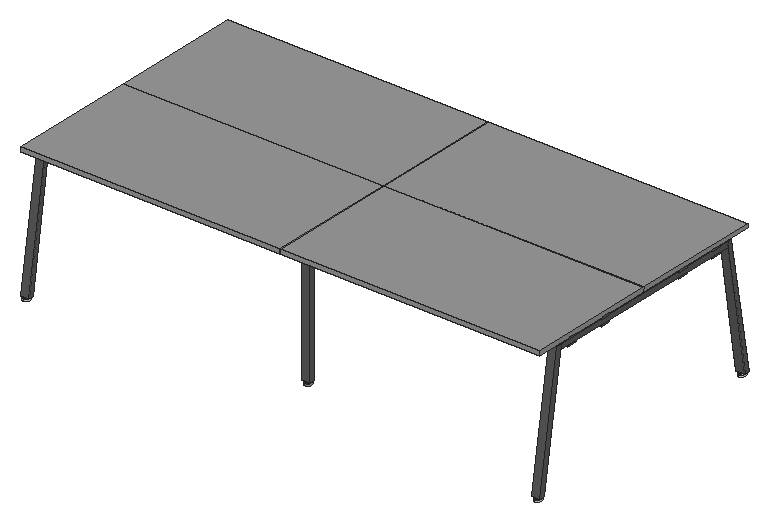
Revit family "Haworth_Tibas_Desk_BenchWorkstation_EU_PRELIMINARY", category Furniture, Revit 2019 (continued)
Definition of nested family "Haworth_Tibas_CableManagement_HorizontalCableTraySingleWire_PART"
  Definition of nested family "Haworth_Tibas_CableManagement_HorizontalCableTraySingleWire_180cm-PART"
    Automatic sketch dimensions
      Extrusion 3 sketch curve to Extrusion 3 sketch curve = 5.7925 cm  (x12)
      Extrusion 3 sketch curve to Extrusion 3 sketch curve = 0.2204 cm  (x5)
      plane 3 to Extrusion 3 sketch curve = 3.7202 cm
      Extrusion 3 sketch curve to plane 3 = 2.2927 cm
      plane 5 "Front" to Extrusion 3 sketch curve = 1.5977 cm  (x8)
      plane 8 to Extrusion 3 sketch curve = 3.5648 cm
      plane 8 to Extrusion 3 sketch curve = 0.5519 cm
      Extrusion 3 sketch curve to Extrusion 3 sketch curve = 0 cm  (x29)
      Extrusion 4 sketch curve to plane 4 = 2.5547 cm
      Extrusion 4 sketch curve to Extrusion 4 sketch curve = 0.0018 cm
      Extrusion 4 sketch curve to Extrusion 4 sketch curve = 0.7759 cm
      Extrusion 4 sketch curve to plane 5 "Front" = 1.5916 cm
      Extrusion 4 sketch curve to Extrusion 4 sketch curve = 0.0223 cm
      plane 2 "Support Top" to Extrusion 4 sketch curve = 0.005 cm
      Extrusion 4 sketch curve to Extrusion 4 sketch curve = 0.2 cm  (x5)
      Extrusion 4 sketch curve to Extrusion 4 sketch curve = 0.024 cm
      Extrusion 4 sketch curve to Extrusion 4 sketch curve = 0.2547 cm
      Extrusion 4 sketch curve to plane 5 "Front" = 1.0694 cm
      Extrusion 4 sketch curve to Extrusion 4 sketch curve = 0.0224 cm
      plane 5 "Front" to Extrusion 4 sketch curve = 3.1606 cm
      Extrusion 4 sketch curve to Extrusion 4 sketch curve = 0.02 cm  (x2)
      Extrusion 4 sketch curve to Extrusion 4 sketch curve = 2.5563 cm
      Extrusion 4 sketch curve to plane 2 "Support Top" = 0.195 cm
      Extrusion 4 sketch curve to plane 2 "Support Top" = 5.795 cm
      Extrusion 4 sketch curve to Extrusion 4 sketch curve = 0.225 cm
      Extrusion 4 sketch curve to Extrusion 4 sketch curve = 0 cm
      Extrusion 5 sketch curve to plane 4 = 2.5547 cm
      Extrusion 5 sketch curve to Extrusion 5 sketch curve = 0.0018 cm
      Extrusion 5 sketch curve to Extrusion 5 sketch curve = 0.7759 cm
      Extrusion 5 sketch curve to plane 5 "Front" = 1.5916 cm
      Extrusion 5 sketch curve to Extrusion 5 sketch curve = 0.0223 cm
      plane 2 "Support Top" to Extrusion 5 sketch curve = 0.005 cm
      Extrusion 5 sketch curve to Extrusion 5 sketch curve = 0.2 cm  (x4)
      Extrusion 5 sketch curve to Extrusion 5 sketch curve = 0.024 cm
      Extrusion 5 sketch curve to Extrusion 5 sketch curve = 0.2547 cm
      Extrusion 5 sketch curve to plane 5 "Front" = 1.0694 cm
      Extrusion 5 sketch curve to Extrusion 5 sketch curve = 0.0224 cm
      plane 5 "Front" to Extrusion 5 sketch curve = 3.1606 cm
      Extrusion 5 sketch curve to Extrusion 5 sketch curve = 0.02 cm  (x2)
      Extrusion 5 sketch curve to plane 2 "Support Top" = 0.019 cm
      Extrusion 5 sketch curve to plane 2 "Support Top" = 0.195 cm
      Extrusion 5 sketch curve to plane 2 "Support Top" = 5.795 cm
      Extrusion 5 sketch curve to Extrusion 5 sketch curve = 0.225 cm
      Extrusion 5 sketch curve to Extrusion 5 sketch curve = 0 cm
      Extrusion 5 sketch curve to Extrusion 5 sketch curve = 2.5563 cm
  Definition of nested family "Haworth_Tibas_CableManagement_HorizontalCableTraySingleWire_200cm-PART"
    Parameters (values of type "Wire Basket Single - 200cm")
      Warranty = "http://www.haworth.com/resources/product-info/warranties"
      Void Width = 20 cm  # constant formula
      URL = "www.haworth.com"
      Trim Finish = none
      Size = "Verify Final Dim. w/ Haworth"  # constant formula
      Revision Number = "1"  # constant formula
      Model = "Haworth -  Wire Basket "  # constant formula
      Manufacturer = "Haworth"  # constant formula
      Description = "Haworth -  Wire Basket 200cm "  # constant formula
      Cable Tray Finish = none
      Author = "Haworth (Abd Rahman)"  # constant formula
      Assembly Code = "E2020200"
      Actual Width = 200 cm  # constant formula
      Actual Depth = 16 cm  # constant formula
    Reference planes (cm)
      plane 1: z = 0
      plane 2 "Support Top": z = 74.1363
      plane 3: x = -79.1964
      plane 4: x = 120.8036
      plane 5: x = 20.8036
      plane 6: y = -4.3686
      plane 7 "Front": y = -20.3686
      plane 8: y = -12.3686
    Forms (cm)
      Extrusion 1, solid, material <- "Cable Tray Finish"
        sketch origin (-68.41, -24.7371, 0) x (0, 1, 0) y (0, 0, -1)
          loop
            line (5.5335, -74.1362) -> (5.5335, -68.4381)
            arc (5.5335, -68.4381) -> (5.5922, -68.2965) -> (5.7338, -68.2378) r 0.2003
            line (5.7338, -68.2378) -> (19.8574, -68.2378)
            arc (19.8574, -68.2378) -> (20.0023, -68.2979) -> (20.0623, -68.4428) r 0.205
            line (20.0623, -68.4428) -> (20.0623, -74.1362) -> (20.3686, -74.1362) -> (20.3686, -68.4261)
            arc (20.3686, -68.4261) -> (20.2547, -68.1513) -> (19.9799, -68.0374) r 0.3886
            line (19.9799, -68.0374) -> (5.7294, -68.0374)
            arc (5.7294, -68.0374) -> (5.455, -68.1511) -> (5.3413, -68.4255) r 0.3881
            line (5.3413, -68.4255) -> (5.3413, -74.1362) -> (5.5335, -74.1362)
        from -189.2136 to 10.7864
      Extrusion 2, void
        sketch origin (0, -2.9666, 0) x (1, 0, 0) y (0, 0, -1)
          loop
            line (-74.261, -73.9397) -> (-68.4684, -73.9397) -> (-68.4684, -70.6269) -> (-74.261, -70.6269) -> (-74.261, -73.9397)
          loop
            line (-68.4684, -70.4411) -> (-68.4684, -68.6179) -> (-74.261, -68.6179) -> (-74.261, -70.4411) -> (-68.4684, -70.4411)
          loop
            line (-68.261, -73.9397) -> (-62.4684, -73.9397) -> (-62.4684, -70.6269) -> (-68.261, -70.6269) -> (-68.261, -73.9397)
          loop
            line (-62.4684, -70.4411) -> (-62.4684, -68.6179) -> (-68.261, -68.6179) -> (-68.261, -70.4411) -> (-62.4684, -70.4411)
          loop
            line (-62.261, -73.9397) -> (-56.4684, -73.9397) -> (-56.4684, -70.6269) -> (-62.261, -70.6269) -> (-62.261, -73.9397)
          loop
            line (-56.4684, -70.4411) -> (-56.4684, -68.6179) -> (-62.261, -68.6179) -> (-62.261, -70.4411) -> (-56.4684, -70.4411)
          loop
            line (-56.261, -73.9397) -> (-50.4684, -73.9397) -> (-50.4684, -70.6269) -> (-56.261, -70.6269) -> (-56.261, -73.9397)
          loop
            line (-50.4684, -70.4411) -> (-50.4684, -68.6179) -> (-56.261, -68.6179) -> (-56.261, -70.4411) -> (-50.4684, -70.4411)
          loop
            line (-50.261, -73.9397) -> (-44.4684, -73.9397) -> (-44.4684, -70.6269) -> (-50.261, -70.6269) -> (-50.261, -73.9397)
          loop
            line (-44.4684, -70.4411) -> (-44.4684, -68.6179) -> (-50.261, -68.6179) -> (-50.261, -70.4411) -> (-44.4684, -70.4411)
          loop
            line (-78.5742, -73.9397) -> (-74.4664, -73.9397) -> (-74.4664, -70.6269) -> (-78.5742, -70.6269) -> (-78.5742, -73.9397)
          loop
            line (-74.4664, -70.4411) -> (-74.4664, -68.6179) -> (-78.5619, -68.6179) -> (-78.5619, -70.4411) -> (-74.4664, -70.4411)
          loop
            line (-44.261, -73.9397) -> (-38.4684, -73.9397) -> (-38.4684, -70.6269) -> (-44.261, -70.6269) -> (-44.261, -73.9397)
          loop
            line (-38.4684, -70.4411) -> (-38.4684, -68.6448) -> (-44.261, -68.6448) -> (-44.261, -70.4411) -> (-38.4684, -70.4411)
          loop
            line (-38.261, -73.9397) -> (-32.4684, -73.9397) -> (-32.4684, -70.6269) -> (-38.261, -70.6269) -> (-38.261, -73.9397)
          loop
            line (-32.4684, -70.4411) -> (-32.4684, -68.6448) -> (-38.261, -68.6448) -> (-38.261, -70.4411) -> (-32.4684, -70.4411)
          loop
            line (-32.261, -73.9397) -> (-26.4684, -73.9397) -> (-26.4684, -70.6269) -> (-32.261, -70.6269) -> (-32.261, -73.9397)
          loop
            line (-26.4684, -70.4411) -> (-26.4684, -68.6448) -> (-32.261, -68.6448) -> (-32.261, -70.4411) -> (-26.4684, -70.4411)
          loop
            line (-26.261, -73.9397) -> (-20.4684, -73.9397) -> (-20.4684, -70.6269) -> (-26.261, -70.6269) -> (-26.261, -73.9397)
          loop
            line (-20.4684, -70.4411) -> (-20.4684, -68.6582) -> (-26.261, -68.6582) -> (-26.261, -70.4411) -> (-20.4684, -70.4411)
          loop
            line (-20.261, -73.9397) -> (-14.4684, -73.9397) -> (-14.4684, -70.6269) -> (-20.261, -70.6269) -> (-20.261, -73.9397)
          loop
            line (-14.4684, -70.4411) -> (-14.4684, -68.6582) -> (-20.261, -68.6582) -> (-20.261, -70.4411) -> (-14.4684, -70.4411)
          loop
            line (-14.261, -73.9397) -> (-8.4684, -73.9397) -> (-8.4684, -70.6269) -> (-14.261, -70.6269) -> (-14.261, -73.9397)
          loop
            line (-8.4684, -70.4411) -> (-8.4684, -68.6582) -> (-14.261, -68.6582) -> (-14.261, -70.4411) -> (-8.4684, -70.4411)
          loop
            line (-8.261, -73.9397) -> (-2.4684, -73.9397) -> (-2.4684, -70.6269) -> (-8.261, -70.6269) -> (-8.261, -73.9397)
          loop
            line (-2.4684, -70.4411) -> (-2.4684, -68.6448) -> (-8.261, -68.6448) -> (-8.261, -70.4411) -> (-2.4684, -70.4411)
          loop
            line (-2.261, -73.9397) -> (3.5316, -73.9397) -> (3.5316, -70.6269) -> (-2.261, -70.6269) -> (-2.261, -73.9397)
          loop
            line (3.5316, -70.4411) -> (3.5316, -68.6582) -> (-2.261, -68.6582) -> (-2.261, -70.4411) -> (3.5316, -70.4411)
          loop
            line (3.739, -73.9397) -> (9.5316, -73.9397) -> (9.5316, -70.6269) -> (3.739, -70.6269) -> (3.739, -73.9397)
          loop
            line (9.5316, -70.4411) -> (9.5316, -68.6582) -> (3.739, -68.6582) -> (3.739, -70.4411) -> (9.5316, -70.4411)
          loop
            line (9.739, -73.9397) -> (15.5316, -73.9397) -> (15.5316, -70.6269) -> (9.739, -70.6269) -> (9.739, -73.9397)
          loop
            line (15.5316, -70.4411) -> (15.5316, -68.6582) -> (9.739, -68.6582) -> (9.739, -70.4411) -> (15.5316, -70.4411)
          loop
            line (15.739, -73.9397) -> (21.5316, -73.9397) -> (21.5316, -70.6269) -> (15.739, -70.6269) -> (15.739, -73.9397)
          loop
            line (21.5316, -70.4411) -> (21.5316, -68.6582) -> (15.739, -68.6582) -> (15.739, -70.4411) -> (21.5316, -70.4411)
          loop
            line (21.739, -73.9397) -> (27.5316, -73.9397) -> (27.5316, -70.6269) -> (21.739, -70.6269) -> (21.739, -73.9397)
          loop
            line (27.5316, -70.4411) -> (27.5316, -68.6582) -> (21.739, -68.6582) -> (21.739, -70.4411) -> (27.5316, -70.4411)
          loop
            line (27.739, -73.9397) -> (33.5316, -73.9397) -> (33.5316, -70.6269) -> (27.739, -70.6269) -> (27.739, -73.9397)
          loop
            line (33.5316, -70.4411) -> (33.5316, -68.6448) -> (27.739, -68.6448) -> (27.739, -70.4411) -> (33.5316, -70.4411)
          loop
            line (33.739, -73.9397) -> (39.5316, -73.9397) -> (39.5316, -70.6269) -> (33.739, -70.6269) -> (33.739, -73.9397)
          loop
            line (39.5316, -70.4411) -> (39.5316, -68.6582) -> (33.739, -68.6582) -> (33.739, -70.4411) -> (39.5316, -70.4411)
          loop
            line (39.739, -73.9397) -> (45.5316, -73.9397) -> (45.5316, -70.6269) -> (39.739, -70.6269) -> (39.739, -73.9397)
          loop
            line (45.5316, -70.4411) -> (45.5316, -68.6582) -> (39.739, -68.6582) -> (39.739, -70.4411) -> (45.5316, -70.4411)
          loop
            line (45.739, -73.9397) -> (51.5316, -73.9397) -> (51.5316, -70.6269) -> (45.739, -70.6269) -> (45.739, -73.9397)
          loop
            line (51.5316, -70.4411) -> (51.5316, -68.6582) -> (45.739, -68.6582) -> (45.739, -70.4411) -> (51.5316, -70.4411)
          loop
            line (51.739, -73.9397) -> (57.5316, -73.9397) -> (57.5316, -70.6269) -> (51.739, -70.6269) -> (51.739, -73.9397)
          loop
            line (57.5316, -70.4411) -> (57.5316, -68.6582) -> (51.739, -68.6582) -> (51.739, -70.4411) -> (57.5316, -70.4411)
          loop
            line (57.739, -73.9397) -> (63.5316, -73.9397) -> (63.5316, -70.6269) -> (57.739, -70.6269) -> (57.739, -73.9397)
          loop
            line (63.5316, -70.4411) -> (63.5316, -68.6582) -> (57.739, -68.6582) -> (57.739, -70.4411) -> (63.5316, -70.4411)
          loop
            line (63.739, -73.9397) -> (69.5316, -73.9397) -> (69.5316, -70.6269) -> (63.739, -70.6269) -> (63.739, -73.9397)
          loop
            line (69.5316, -70.4411) -> (69.5316, -68.6448) -> (63.739, -68.6448) -> (63.739, -70.4411) -> (69.5316, -70.4411)
          loop
            line (69.739, -73.9397) -> (75.5316, -73.9397) -> (75.5316, -70.6269) -> (69.739, -70.6269) -> (69.739, -73.9397)
          loop
            line (75.5316, -70.4411) -> (75.5316, -68.6582) -> (69.739, -68.6582) -> (69.739, -70.4411) -> (75.5316, -70.4411)
          loop
            line (75.739, -73.9397) -> (81.5316, -73.9397) -> (81.5316, -70.6269) -> (75.739, -70.6269) -> (75.739, -73.9397)
          loop
            line (81.5316, -70.4411) -> (81.5316, -68.6582) -> (75.739, -68.6582) -> (75.739, -70.4411) -> (81.5316, -70.4411)
          loop
            line (81.739, -73.9397) -> (87.5316, -73.9397) -> (87.5316, -70.6269) -> (81.739, -70.6269) -> (81.739, -73.9397)
          loop
            line (87.5316, -70.4411) -> (87.5316, -68.6582) -> (81.739, -68.6582) -> (81.739, -70.4411) -> (87.5316, -70.4411)
          loop
            line (87.739, -73.9397) -> (93.5316, -73.9397) -> (93.5316, -70.6269) -> (87.739, -70.6269) -> (87.739, -73.9397)
          loop
            line (93.5316, -70.4411) -> (93.5316, -68.6582) -> (87.739, -68.6582) -> (87.739, -70.4411) -> (93.5316, -70.4411)
          loop
            line (93.739, -73.9397) -> (98.0316, -73.9397) -> (98.0316, -70.6269) -> (93.739, -70.6269) -> (93.739, -73.9397)
          loop
            line (98.0316, -70.4411) -> (98.0316, -68.6582) -> (93.739, -68.6582) -> (93.739, -70.4411) -> (98.0316, -70.4411)
          loop
            line (98.239, -73.9397) -> (104.0316, -73.9397) -> (104.0316, -70.6269) -> (98.239, -70.6269) -> (98.239, -73.9397)
          loop
            line (104.0316, -70.4411) -> (104.0316, -68.6582) -> (98.239, -68.6582) -> (98.239, -70.4411) -> (104.0316, -70.4411)
          loop
            line (104.239, -73.9397) -> (110.0316, -73.9397) -> (110.0316, -70.6269) -> (104.239, -70.6269) -> (104.239, -73.9397)
          loop
            line (110.0316, -70.4411) -> (110.0316, -68.6582) -> (104.239, -68.6582) -> (104.239, -70.4411) -> (110.0316, -70.4411)
          loop
            line (110.239, -73.9397) -> (116.0316, -73.9397) -> (116.0316, -70.6269) -> (110.239, -70.6269) -> (110.239, -73.9397)
          loop
            line (116.0316, -70.4411) -> (116.0316, -68.6582) -> (110.239, -68.6582) -> (110.239, -70.4411) -> (116.0316, -70.4411)
          loop
            line (116.239, -73.9397) -> (120.5316, -73.9397) -> (120.5316, -70.6269) -> (116.239, -70.6269) -> (116.239, -73.9397)
          loop
            line (120.5316, -70.4411) -> (120.5316, -68.6582) -> (116.239, -68.6582) -> (116.239, -70.4411) -> (120.5316, -70.4411)
        from -21.2076 to 0.5784
      Extrusion 3, void
        sketch origin (0, -24.7371, 0) x (1, 0, 0) y (0, 1, 0)
          loop
            line (-78.6964, 5.9663) -> (-72.9664, 5.9663) -> (-72.9664, 20.0623) -> (-78.6964, 20.0623) -> (-78.6964, 5.9663)
          loop
            line (-72.761, 5.9663) -> (-66.9555, 5.9663) -> (-66.9555, 20.0623) -> (-72.761, 20.0623) -> (-72.761, 5.9663)
          loop
            line (-66.761, 5.9663) -> (-60.9684, 5.9663) -> (-60.9684, 20.0623) -> (-66.761, 20.0623) -> (-66.761, 5.9663)
          loop
            line (-60.761, 5.9663) -> (-54.9555, 5.9663) -> (-54.9555, 20.0623) -> (-60.761, 20.0623) -> (-60.761, 5.9663)
          loop
            line (-54.761, 5.9663) -> (-48.9684, 5.9663) -> (-48.9684, 20.0623) -> (-54.761, 20.0623) -> (-54.761, 5.9663)
          loop
            line (-48.761, 5.9663) -> (-42.9555, 5.9663) -> (-42.9555, 20.0623) -> (-48.761, 20.0623) -> (-48.761, 5.9663)
          loop
            line (-42.761, 5.9663) -> (-36.9684, 5.9663) -> (-36.9684, 20.0623) -> (-42.761, 20.0623) -> (-42.761, 5.9663)
          loop
            line (-36.761, 5.9663) -> (-30.9555, 5.9663) -> (-30.9555, 20.0623) -> (-36.761, 20.0623) -> (-36.761, 5.9663)
          loop
            line (-30.761, 5.9663) -> (-24.9684, 5.9663) -> (-24.9684, 20.0623) -> (-30.761, 20.0623) -> (-30.761, 5.9663)
          loop
            line (-24.761, 5.9663) -> (-18.9555, 5.9663) -> (-18.9555, 20.0623) -> (-24.761, 20.0623) -> (-24.761, 5.9663)
          loop
            line (-18.761, 5.9663) -> (-12.9684, 5.9663) -> (-12.9684, 20.0623) -> (-18.761, 20.0623) -> (-18.761, 5.9663)
          loop
            line (-12.761, 5.9663) -> (-6.9555, 5.9663) -> (-6.9555, 20.0623) -> (-12.761, 20.0623) -> (-12.761, 5.9663)
          loop
            line (-6.748, 5.9663) -> (-0.9555, 5.9663) -> (-0.9555, 20.0623) -> (-6.748, 20.0623) -> (-6.748, 5.9663)
          loop
            line (-0.748, 5.9663) -> (5.0575, 5.9663) -> (5.0575, 20.0623) -> (-0.748, 20.0623) -> (-0.748, 5.9663)
          loop
            line (5.2779, 5.9663) -> (11.0704, 5.9663) -> (11.0704, 20.0623) -> (5.2779, 20.0623) -> (5.2779, 5.9663)
          loop
            line (11.2779, 5.9663) -> (17.0834, 5.9663) -> (17.0834, 20.0623) -> (11.2779, 20.0623) -> (11.2779, 5.9663)
          loop
            line (17.2908, 5.9663) -> (23.0963, 5.9663) -> (23.0963, 20.0623) -> (17.2908, 20.0623) -> (17.2908, 5.9663)
          loop
            line (23.3038, 5.9663) -> (29.0963, 5.9663) -> (29.0963, 20.0623) -> (23.3038, 20.0623) -> (23.3038, 5.9663)
          loop
            line (29.3038, 5.9663) -> (35.1093, 5.9663) -> (35.1093, 20.0623) -> (29.3038, 20.0623) -> (29.3038, 5.9663)
          loop
            line (35.3297, 5.9663) -> (41.1222, 5.9663) -> (41.1222, 20.0623) -> (35.3297, 20.0623) -> (35.3297, 5.9663)
          loop
            line (41.3297, 5.9663) -> (47.1351, 5.9663) -> (47.1351, 20.0623) -> (41.3297, 20.0623) -> (41.3297, 5.9663)
          loop
            line (47.3426, 5.9663) -> (53.1481, 5.9663) -> (53.1481, 20.0623) -> (47.3426, 20.0623) -> (47.3426, 5.9663)
          loop
            line (53.3556, 5.9663) -> (59.1481, 5.9663) -> (59.1481, 20.0623) -> (53.3556, 20.0623) -> (53.3556, 5.9663)
          loop
            line (59.3556, 5.9663) -> (65.161, 5.9663) -> (65.161, 20.0623) -> (59.3556, 20.0623) -> (59.3556, 5.9663)
          loop
            line (65.3815, 5.9663) -> (71.174, 5.9663) -> (71.174, 20.0623) -> (65.3815, 20.0623) -> (65.3815, 5.9663)
          loop
            line (71.3815, 5.9663) -> (77.1869, 5.9663) -> (77.1869, 20.0623) -> (71.3815, 20.0623) -> (71.3815, 5.9663)
          loop
            line (77.3944, 5.9663) -> (83.1999, 5.9663) -> (83.1999, 20.0623) -> (77.3944, 20.0623) -> (77.3944, 5.9663)
          loop
            line (83.4074, 5.9663) -> (89.1999, 5.9663) -> (89.1999, 20.0623) -> (83.4074, 20.0623) -> (83.4074, 5.9663)
          loop
            line (89.4074, 5.9663) -> (95.2128, 5.9663) -> (95.2128, 20.0623) -> (89.4074, 20.0623) -> (89.4074, 5.9663)
          loop
            line (95.4333, 5.9663) -> (101.2258, 5.9663) -> (101.2258, 20.0623) -> (95.4333, 20.0623) -> (95.4333, 5.9663)
          loop
            line (101.4333, 5.9663) -> (107.2387, 5.9663) -> (107.2387, 20.0623) -> (101.4333, 20.0623) -> (101.4333, 5.9663)
          loop
            line (107.4592, 5.9663) -> (113.2517, 5.9663) -> (113.2517, 20.0623) -> (107.4592, 20.0623) -> (107.4592, 5.9663)
          loop
            line (113.4592, 5.9663) -> (120.3036, 5.9663) -> (120.3036, 20.0623) -> (113.4592, 20.0623) -> (113.4592, 5.9663)
        from 0 to 76.0995
      Extrusion 4, solid, material <- "Trim Finish"
        sketch origin (-82.3038, 0.625, 79.9413) x (0, -1, 0) y (0, 0, 1)
          loop
            line (24.1542, -2.8) -> (20.1466, -2.8)
            arc (20.1466, -2.8) -> (19.9893, -2.8651) -> (19.9242, -3.0224) r 0.2224
            line (19.9242, -3.0224) -> (19.9242, -5.6) -> (19.6482, -5.6)
            arc (19.6482, -5.6) -> (19.4898, -5.6656) -> (19.4242, -5.824) r 0.224
            line (19.4242, -5.824) -> (19.4242, -12.25) -> (7.5501, -12.25)
            arc (7.5501, -12.25) -> (7.3251, -12.025) -> (7.5501, -11.8) r 0.225
            line (7.5501, -11.8) -> (8.3242, -11.8) -> (8.3242, -11.6) -> (7.5483, -11.6)
            arc (7.5483, -11.6) -> (7.1233, -12.025) -> (7.5483, -12.45) r 0.425
            line (7.5483, -12.45) -> (19.4019, -12.45)
            arc (19.4019, -12.45) -> (19.5591, -12.3849) -> (19.6242, -12.2277) r 0.2223
            line (19.6242, -12.2277) -> (19.6242, -5.8) -> (19.9029, -5.8)
            arc (19.9029, -5.8) -> (20.0594, -5.7352) -> (20.1242, -5.5787) r 0.2213
            line (20.1242, -5.5787) -> (20.1242, -3) -> (24.1742, -3) -> (24.1742, -6) -> (24.3742, -6) -> (24.3742, -3.02)
            arc (24.3742, -3.02) -> (24.3098, -2.8644) -> (24.1542, -2.8) r 0.22
        from -36.501 to -33.501
      Extrusion 5, solid, material <- "Trim Finish"
        sketch origin (119.911, 0.625, 79.9413) x (0, -1, 0) y (0, 0, -1)
          loop
            arc (24.1542, 2.8) -> (24.3098, 2.8644) -> (24.3742, 3.02) r 0.22
            line (24.3742, 3.02) -> (24.3742, 6) -> (24.1742, 6) -> (24.1742, 3) -> (20.1242, 3) -> (20.1242, 5.5787)
            arc (20.1242, 5.5787) -> (20.0594, 5.7352) -> (19.9029, 5.8) r 0.2213
            line (19.9029, 5.8) -> (19.6242, 5.8) -> (19.6242, 12.2277)
            arc (19.6242, 12.2277) -> (19.5591, 12.3849) -> (19.4019, 12.45) r 0.2223
            line (19.4019, 12.45) -> (7.5483, 12.45)
            arc (7.5483, 12.45) -> (7.1233, 12.025) -> (7.5483, 11.6) r 0.425
            line (7.5483, 11.6) -> (8.3242, 11.6) -> (8.3242, 11.8) -> (7.5501, 11.8)
            arc (7.5501, 11.8) -> (7.3251, 12.025) -> (7.5501, 12.25) r 0.225
            line (7.5501, 12.25) -> (19.4242, 12.25) -> (19.4242, 5.824)
            arc (19.4242, 5.824) -> (19.4898, 5.6656) -> (19.6482, 5.6) r 0.224
            line (19.6482, 5.6) -> (19.9242, 5.6) -> (19.9242, 3.0224)
            arc (19.9242, 3.0224) -> (19.9893, 2.8651) -> (20.1466, 2.8) r 0.2224
            line (20.1466, 2.8) -> (24.1542, 2.8)
        from -36.501 to -33.501
    Cuts and joins
      Extrusion 2, Extrusion 3 cuts Extrusion 1
    Lines and regions (cm)
      Masking region 1
        outline origin (0, 0, 0) x (1, 0, 0) y (0, 1, 0)
          loop
            line (-79.1964, -4.3686) -> (-79.1964, -20.3686) -> (120.8036, -20.3686) -> (120.8036, -4.3686) -> (-79.1964, -4.3686)
    Dimensions and locks (cm)
      locked: plane 2 "Support Top" to level at 74.1363
      equal spacing: plane 3, plane 5, plane 4
      "Actual Width": plane 3 to plane 4
      equal spacing: plane 6, plane 8, plane 7 "Front"
      "Actual Depth": plane 7 "Front" to plane 6
      aligned and locked: cut or joined group of Extrusion 1, Extrusion 2, Extrusion 3 to plane 6
      aligned and locked: plane 4 to Extrusion 1
      aligned and locked: plane 3 to Extrusion 1
      aligned and locked: Masking region 1 sketch curve to plane 4
      aligned and locked: Masking region 1 sketch curve to plane 3
      aligned and locked: Masking region 1 sketch curve to plane 6
      aligned and locked: Masking region 1 sketch curve to plane 7 "Front"
    Automatic sketch dimensions
      Extrusion 1 sketch curve to plane 2 "Support Top" = 0 cm  (x2)
      Extrusion 1 sketch curve to plane 6 = 0 cm
      Extrusion 1 sketch curve to Extrusion 1 sketch curve = 0.3062 cm
      Extrusion 1 sketch curve to plane 6 = 0.3886 cm
      Extrusion 1 sketch curve to Extrusion 1 sketch curve = 0.1226 cm
      Extrusion 1 sketch curve to plane 7 "Front" = 1.3652 cm
      Extrusion 1 sketch curve to Extrusion 1 sketch curve = 0.0044 cm
      Extrusion 1 sketch curve to Extrusion 1 sketch curve = 0.1959 cm
      Extrusion 1 sketch curve to Extrusion 1 sketch curve = 0.1923 cm
      Extrusion 1 sketch curve to plane 2 "Support Top" = 5.6934 cm
      Extrusion 1 sketch curve to Extrusion 1 sketch curve = 0.0167 cm
      Extrusion 2 sketch curve to plane 3 = 0.6223 cm
      Extrusion 2 sketch curve to Extrusion 2 sketch curve = 0.0122 cm
      Extrusion 2 sketch curve to Extrusion 2 sketch curve = 4.0955 cm
      Extrusion 2 sketch curve to plane 2 "Support Top" = 0.1965 cm  (x34)
      Extrusion 2 sketch curve to Extrusion 2 sketch curve = 0 cm  (x85)
      Extrusion 2 sketch curve to Extrusion 2 sketch curve = 0.2055 cm
      Extrusion 2 sketch curve to Extrusion 2 sketch curve = 5.7925 cm  (x28)
      Extrusion 2 sketch curve to Extrusion 2 sketch curve = 0.2075 cm  (x47)
      Extrusion 2 sketch curve to plane 5 = 5.272 cm
      plane 5 to Extrusion 2 sketch curve = 0.728 cm  (x2)
      Extrusion 2 sketch curve to Extrusion 2 sketch curve = 4.2925 cm
      Extrusion 2 sketch curve to plane 4 = 4.772 cm
      Extrusion 2 sketch curve to plane 4 = 0.272 cm  (x2)
      Extrusion 2 sketch curve to Extrusion 2 sketch curve = 3.3128 cm  (x7)
      Extrusion 2 sketch curve to Extrusion 2 sketch curve = 0.1859 cm  (x34)
      Extrusion 2 sketch curve to Extrusion 2 sketch curve = 1.7829 cm  (x19)
      Extrusion 2 sketch curve to Extrusion 2 sketch curve = 1.7963 cm
      Extrusion 2 sketch curve to Extrusion 2 sketch curve = 0.0134 cm  (x3)
      Extrusion 2 sketch curve to Extrusion 2 sketch curve = 1.8232 cm  (x2)
      Extrusion 2 sketch curve to Extrusion 2 sketch curve = 0.0269 cm
      plane 3 to Extrusion 3 sketch curve = 0.5 cm
      plane 6 to Extrusion 3 sketch curve = 0.3062 cm  (x3)
      Extrusion 3 sketch curve to Extrusion 3 sketch curve = 5.73 cm
      Extrusion 3 sketch curve to Extrusion 3 sketch curve = 0.2055 cm
      plane 7 "Front" to Extrusion 3 sketch curve = 1.5977 cm  (x31)
      Extrusion 3 sketch curve to Extrusion 3 sketch curve = 5.8055 cm  (x15)
      Extrusion 3 sketch curve to Extrusion 3 sketch curve = 0.1945 cm  (x5)
      Extrusion 3 sketch curve to Extrusion 3 sketch curve = 5.7925 cm  (x14)
      Extrusion 3 sketch curve to Extrusion 3 sketch curve = 0.2075 cm  (x21)
      Extrusion 3 sketch curve to Extrusion 3 sketch curve = 0.2204 cm  (x5)
      plane 5 to Extrusion 3 sketch curve = 3.7202 cm
      Extrusion 3 sketch curve to plane 5 = 2.2927 cm
      plane 4 to Extrusion 3 sketch curve = 0.5 cm
      Extrusion 3 sketch curve to Extrusion 3 sketch curve = 0 cm  (x32)
      Extrusion 4 sketch curve to plane 6 = 2.5547 cm
      Extrusion 4 sketch curve to Extrusion 4 sketch curve = 0.0018 cm
      Extrusion 4 sketch curve to Extrusion 4 sketch curve = 0.7759 cm
      Extrusion 4 sketch curve to plane 7 "Front" = 1.5916 cm
      Extrusion 4 sketch curve to Extrusion 4 sketch curve = 0.0223 cm
      plane 2 "Support Top" to Extrusion 4 sketch curve = 0.005 cm
      Extrusion 4 sketch curve to Extrusion 4 sketch curve = 0.2 cm  (x4)
      Extrusion 4 sketch curve to Extrusion 4 sketch curve = 0.024 cm
      Extrusion 4 sketch curve to Extrusion 4 sketch curve = 0.2547 cm
      Extrusion 4 sketch curve to plane 7 "Front" = 1.0694 cm
      Extrusion 4 sketch curve to Extrusion 4 sketch curve = 0.0224 cm
      plane 7 "Front" to Extrusion 4 sketch curve = 3.1606 cm
      Extrusion 4 sketch curve to Extrusion 4 sketch curve = 0.02 cm  (x2)
      Extrusion 4 sketch curve to plane 2 "Support Top" = 0.019 cm
      Extrusion 4 sketch curve to plane 2 "Support Top" = 0.195 cm
      Extrusion 4 sketch curve to plane 2 "Support Top" = 5.795 cm
      Extrusion 4 sketch curve to Extrusion 4 sketch curve = 0.225 cm
      Extrusion 4 sketch curve to Extrusion 4 sketch curve = 0 cm
      Extrusion 4 sketch curve to Extrusion 4 sketch curve = 2.5563 cm
      Extrusion 5 sketch curve to plane 6 = 2.5547 cm
      Extrusion 5 sketch curve to Extrusion 5 sketch curve = 0.0018 cm
      Extrusion 5 sketch curve to Extrusion 5 sketch curve = 0.7759 cm
      Extrusion 5 sketch curve to plane 7 "Front" = 1.5916 cm
      Extrusion 5 sketch curve to Extrusion 5 sketch curve = 0.0223 cm
      plane 2 "Support Top" to Extrusion 5 sketch curve = 0.005 cm
      Extrusion 5 sketch curve to Extrusion 5 sketch curve = 0.2 cm  (x5)
      Extrusion 5 sketch curve to Extrusion 5 sketch curve = 0.024 cm
      Extrusion 5 sketch curve to Extrusion 5 sketch curve = 0.2547 cm
      Extrusion 5 sketch curve to plane 7 "Front" = 1.0694 cm
      Extrusion 5 sketch curve to Extrusion 5 sketch curve = 0.0224 cm
      plane 7 "Front" to Extrusion 5 sketch curve = 3.1606 cm
      Extrusion 5 sketch curve to Extrusion 5 sketch curve = 0.02 cm  (x2)
      Extrusion 5 sketch curve to Extrusion 5 sketch curve = 2.5563 cm
      Extrusion 5 sketch curve to plane 2 "Support Top" = 0.195 cm
      Extrusion 5 sketch curve to plane 2 "Support Top" = 5.795 cm
      Extrusion 5 sketch curve to Extrusion 5 sketch curve = 0.225 cm
      Extrusion 5 sketch curve to Extrusion 5 sketch curve = 0 cm
  Definition of nested family "Haworth_Tibas_CableManagement_HorizontalCableTraySingleWire_160cm-PART"
    Parameters (values of type "Wire Basket Single - 160cm")
      Warranty = "http://www.haworth.com/resources/product-info/warranties"
      Void Width = 20 cm  # constant formula
      URL = "www.haworth.com"
      Trim Finish = none
      Size = "Verify Final Dim. w/ Haworth"  # constant formula
      Revision Number = "1"  # constant formula
      Model = "Haworth -  Wire Basket "  # constant formula
      Manufacturer = "Haworth"  # constant formula
      Description = "Haworth -  Wire Basket 160cm "  # constant formula
      Cable Tray Finish = none
      Author = "Haworth (Abd Rahman)"  # constant formula
      Assembly Code = "E2020200"
      Actual Width = 160 cm  # constant formula
      Actual Depth = 16 cm  # constant formula
    Reference planes (cm)
      plane 1: z = 0
      plane 2 "Support Top": z = 74.1363
      plane 3: x = 20.8036
      plane 4: y = -4.3686
      plane 5 "Front": y = -20.3686
      plane 6: y = -12.3686
      plane 7: x = -59.1964
      plane 8: x = 100.8036
    Forms (cm)
      Extrusion 1, solid, material <- "Cable Tray Finish"
        sketch origin (-68.41, -24.7371, 0) x (0, 1, 0) y (0, 0, -1)
          loop
            line (5.5335, -74.1362) -> (5.5335, -68.4381)
            arc (5.5335, -68.4381) -> (5.5922, -68.2965) -> (5.7338, -68.2378) r 0.2003
            line (5.7338, -68.2378) -> (19.8574, -68.2378)
            arc (19.8574, -68.2378) -> (20.0023, -68.2979) -> (20.0623, -68.4428) r 0.205
            line (20.0623, -68.4428) -> (20.0623, -74.1362) -> (20.3686, -74.1362) -> (20.3686, -68.4261)
            arc (20.3686, -68.4261) -> (20.2547, -68.1513) -> (19.9799, -68.0374) r 0.3886
            line (19.9799, -68.0374) -> (5.7294, -68.0374)
            arc (5.7294, -68.0374) -> (5.455, -68.1511) -> (5.3413, -68.4255) r 0.3881
            line (5.3413, -68.4255) -> (5.3413, -74.1362) -> (5.5335, -74.1362)
        from -169.2136 to -9.2136
      Extrusion 2, void
        sketch origin (0, -2.9666, 0) x (1, 0, 0) y (0, 0, -1)
          loop
            line (-58.636, -73.9397) -> (-50.4684, -73.9397) -> (-50.4684, -70.6269) -> (-58.636, -70.6269) -> (-58.636, -73.9397)
          loop
            line (-50.4684, -70.4411) -> (-50.4684, -68.6179) -> (-58.636, -68.6179) -> (-58.636, -70.4411) -> (-50.4684, -70.4411)
          loop
            line (-50.261, -73.9397) -> (-44.4684, -73.9397) -> (-44.4684, -70.6269) -> (-50.261, -70.6269) -> (-50.261, -73.9397)
          loop
            line (-44.4684, -70.4411) -> (-44.4684, -68.6179) -> (-50.261, -68.6179) -> (-50.261, -70.4411) -> (-44.4684, -70.4411)
          loop
            line (-44.261, -73.9397) -> (-38.4684, -73.9397) -> (-38.4684, -70.6269) -> (-44.261, -70.6269) -> (-44.261, -73.9397)
          loop
            line (-38.4684, -70.4411) -> (-38.4684, -68.6448) -> (-44.261, -68.6448) -> (-44.261, -70.4411) -> (-38.4684, -70.4411)
          loop
            line (-38.261, -73.9397) -> (-32.4684, -73.9397) -> (-32.4684, -70.6269) -> (-38.261, -70.6269) -> (-38.261, -73.9397)
          loop
            line (-32.4684, -70.4411) -> (-32.4684, -68.6448) -> (-38.261, -68.6448) -> (-38.261, -70.4411) -> (-32.4684, -70.4411)
          loop
            line (-32.261, -73.9397) -> (-26.4684, -73.9397) -> (-26.4684, -70.6269) -> (-32.261, -70.6269) -> (-32.261, -73.9397)
          loop
            line (-26.4684, -70.4411) -> (-26.4684, -68.6448) -> (-32.261, -68.6448) -> (-32.261, -70.4411) -> (-26.4684, -70.4411)
          loop
            line (-26.261, -73.9397) -> (-20.4684, -73.9397) -> (-20.4684, -70.6269) -> (-26.261, -70.6269) -> (-26.261, -73.9397)
          loop
            line (-20.4684, -70.4411) -> (-20.4684, -68.6582) -> (-26.261, -68.6582) -> (-26.261, -70.4411) -> (-20.4684, -70.4411)
          loop
            line (-20.261, -73.9397) -> (-14.4684, -73.9397) -> (-14.4684, -70.6269) -> (-20.261, -70.6269) -> (-20.261, -73.9397)
          loop
            line (-14.4684, -70.4411) -> (-14.4684, -68.6582) -> (-20.261, -68.6582) -> (-20.261, -70.4411) -> (-14.4684, -70.4411)
          loop
            line (-14.261, -73.9397) -> (-8.4684, -73.9397) -> (-8.4684, -70.6269) -> (-14.261, -70.6269) -> (-14.261, -73.9397)
          loop
            line (-8.4684, -70.4411) -> (-8.4684, -68.6582) -> (-14.261, -68.6582) -> (-14.261, -70.4411) -> (-8.4684, -70.4411)
          loop
            line (-8.261, -73.9397) -> (-2.4684, -73.9397) -> (-2.4684, -70.6269) -> (-8.261, -70.6269) -> (-8.261, -73.9397)
          loop
            line (-2.4684, -70.4411) -> (-2.4684, -68.6448) -> (-8.261, -68.6448) -> (-8.261, -70.4411) -> (-2.4684, -70.4411)
          loop
            line (-2.261, -73.9397) -> (3.5316, -73.9397) -> (3.5316, -70.6269) -> (-2.261, -70.6269) -> (-2.261, -73.9397)
          loop
            line (3.5316, -70.4411) -> (3.5316, -68.6582) -> (-2.261, -68.6582) -> (-2.261, -70.4411) -> (3.5316, -70.4411)
          loop
            line (3.739, -73.9397) -> (9.5316, -73.9397) -> (9.5316, -70.6269) -> (3.739, -70.6269) -> (3.739, -73.9397)
          loop
            line (9.5316, -70.4411) -> (9.5316, -68.6582) -> (3.739, -68.6582) -> (3.739, -70.4411) -> (9.5316, -70.4411)
          loop
            line (9.739, -73.9397) -> (15.5316, -73.9397) -> (15.5316, -70.6269) -> (9.739, -70.6269) -> (9.739, -73.9397)
          loop
            line (15.5316, -70.4411) -> (15.5316, -68.6582) -> (9.739, -68.6582) -> (9.739, -70.4411) -> (15.5316, -70.4411)
          loop
            line (15.739, -73.9397) -> (21.5316, -73.9397) -> (21.5316, -70.6269) -> (15.739, -70.6269) -> (15.739, -73.9397)
          loop
            line (21.5316, -70.4411) -> (21.5316, -68.6582) -> (15.739, -68.6582) -> (15.739, -70.4411) -> (21.5316, -70.4411)
          loop
            line (21.739, -73.9397) -> (27.5316, -73.9397) -> (27.5316, -70.6269) -> (21.739, -70.6269) -> (21.739, -73.9397)
          loop
            line (27.5316, -70.4411) -> (27.5316, -68.6582) -> (21.739, -68.6582) -> (21.739, -70.4411) -> (27.5316, -70.4411)
          loop
            line (27.739, -73.9397) -> (33.5316, -73.9397) -> (33.5316, -70.6269) -> (27.739, -70.6269) -> (27.739, -73.9397)
          loop
            line (33.5316, -70.4411) -> (33.5316, -68.6448) -> (27.739, -68.6448) -> (27.739, -70.4411) -> (33.5316, -70.4411)
          loop
            line (33.739, -73.9397) -> (39.5316, -73.9397) -> (39.5316, -70.6269) -> (33.739, -70.6269) -> (33.739, -73.9397)
          loop
            line (39.5316, -70.4411) -> (39.5316, -68.6582) -> (33.739, -68.6582) -> (33.739, -70.4411) -> (39.5316, -70.4411)
          loop
            line (39.739, -73.9397) -> (45.5316, -73.9397) -> (45.5316, -70.6269) -> (39.739, -70.6269) -> (39.739, -73.9397)
          loop
            line (45.5316, -70.4411) -> (45.5316, -68.6582) -> (39.739, -68.6582) -> (39.739, -70.4411) -> (45.5316, -70.4411)
          loop
            line (45.739, -73.9397) -> (51.5316, -73.9397) -> (51.5316, -70.6269) -> (45.739, -70.6269) -> (45.739, -73.9397)
          loop
            line (51.5316, -70.4411) -> (51.5316, -68.6582) -> (45.739, -68.6582) -> (45.739, -70.4411) -> (51.5316, -70.4411)
          loop
            line (51.739, -73.9397) -> (57.5316, -73.9397) -> (57.5316, -70.6269) -> (51.739, -70.6269) -> (51.739, -73.9397)
          loop
            line (57.5316, -70.4411) -> (57.5316, -68.6582) -> (51.739, -68.6582) -> (51.739, -70.4411) -> (57.5316, -70.4411)
          loop
            line (57.739, -73.9397) -> (63.5316, -73.9397) -> (63.5316, -70.6269) -> (57.739, -70.6269) -> (57.739, -73.9397)
          loop
            line (63.5316, -70.4411) -> (63.5316, -68.6582) -> (57.739, -68.6582) -> (57.739, -70.4411) -> (63.5316, -70.4411)
          loop
            line (63.739, -73.9397) -> (69.5316, -73.9397) -> (69.5316, -70.6269) -> (63.739, -70.6269) -> (63.739, -73.9397)
          loop
            line (69.5316, -70.4411) -> (69.5316, -68.6448) -> (63.739, -68.6448) -> (63.739, -70.4411) -> (69.5316, -70.4411)
          loop
            line (69.739, -73.9397) -> (75.5316, -73.9397) -> (75.5316, -70.6269) -> (69.739, -70.6269) -> (69.739, -73.9397)
          loop
            line (75.5316, -70.4411) -> (75.5316, -68.6582) -> (69.739, -68.6582) -> (69.739, -70.4411) -> (75.5316, -70.4411)
          loop
            line (75.739, -73.9397) -> (81.5316, -73.9397) -> (81.5316, -70.6269) -> (75.739, -70.6269) -> (75.739, -73.9397)
          loop
            line (81.5316, -70.4411) -> (81.5316, -68.6582) -> (75.739, -68.6582) -> (75.739, -70.4411) -> (81.5316, -70.4411)
          loop
            line (81.739, -73.9397) -> (87.5316, -73.9397) -> (87.5316, -70.6269) -> (81.739, -70.6269) -> (81.739, -73.9397)
          loop
            line (87.5316, -70.4411) -> (87.5316, -68.6582) -> (81.739, -68.6582) -> (81.739, -70.4411) -> (87.5316, -70.4411)
          loop
            line (87.739, -73.9397) -> (93.5316, -73.9397) -> (93.5316, -70.6269) -> (87.739, -70.6269) -> (87.739, -73.9397)
          loop
            line (93.5316, -70.4411) -> (93.5316, -68.6582) -> (87.739, -68.6582) -> (87.739, -70.4411) -> (93.5316, -70.4411)
          loop
            line (93.739, -73.9397) -> (100.4066, -73.9397) -> (100.4066, -70.6269) -> (93.739, -70.6269) -> (93.739, -73.9397)
          loop
            line (100.4066, -70.4411) -> (100.4066, -68.6582) -> (93.739, -68.6582) -> (93.739, -70.4411) -> (100.4066, -70.4411)
        from -21.2076 to 0.5784
      Extrusion 3, void
        sketch origin (0, -24.7371, 0) x (1, 0, 0) y (0, 1, 0)
          loop
            line (-58.511, 5.9663) -> (-54.9555, 5.9663) -> (-54.9555, 20.0623) -> (-58.511, 20.0623) -> (-58.511, 5.9663)
          loop
            line (-54.761, 5.9663) -> (-48.9684, 5.9663) -> (-48.9684, 20.0623) -> (-54.761, 20.0623) -> (-54.761, 5.9663)
          loop
            line (-48.761, 5.9663) -> (-42.9555, 5.9663) -> (-42.9555, 20.0623) -> (-48.761, 20.0623) -> (-48.761, 5.9663)
          loop
            line (-42.761, 5.9663) -> (-36.9684, 5.9663) -> (-36.9684, 20.0623) -> (-42.761, 20.0623) -> (-42.761, 5.9663)
          loop
            line (-36.761, 5.9663) -> (-30.9555, 5.9663) -> (-30.9555, 20.0623) -> (-36.761, 20.0623) -> (-36.761, 5.9663)
          loop
            line (-30.761, 5.9663) -> (-24.9684, 5.9663) -> (-24.9684, 20.0623) -> (-30.761, 20.0623) -> (-30.761, 5.9663)
          loop
            line (-24.761, 5.9663) -> (-18.9555, 5.9663) -> (-18.9555, 20.0623) -> (-24.761, 20.0623) -> (-24.761, 5.9663)
          loop
            line (-18.761, 5.9663) -> (-12.9684, 5.9663) -> (-12.9684, 20.0623) -> (-18.761, 20.0623) -> (-18.761, 5.9663)
          loop
            line (-12.761, 5.9663) -> (-6.9555, 5.9663) -> (-6.9555, 20.0623) -> (-12.761, 20.0623) -> (-12.761, 5.9663)
          loop
            line (-6.748, 5.9663) -> (-0.9555, 5.9663) -> (-0.9555, 20.0623) -> (-6.748, 20.0623) -> (-6.748, 5.9663)
          loop
            line (-0.748, 5.9663) -> (5.0575, 5.9663) -> (5.0575, 20.0623) -> (-0.748, 20.0623) -> (-0.748, 5.9663)
          loop
            line (5.2779, 5.9663) -> (11.0704, 5.9663) -> (11.0704, 20.0623) -> (5.2779, 20.0623) -> (5.2779, 5.9663)
          loop
            line (11.2779, 5.9663) -> (17.0834, 5.9663) -> (17.0834, 20.0623) -> (11.2779, 20.0623) -> (11.2779, 5.9663)
          loop
            line (17.2908, 5.9663) -> (23.0963, 5.9663) -> (23.0963, 20.0623) -> (17.2908, 20.0623) -> (17.2908, 5.9663)
          loop
            line (23.3038, 5.9663) -> (29.0963, 5.9663) -> (29.0963, 20.0623) -> (23.3038, 20.0623) -> (23.3038, 5.9663)
          loop
            line (29.3038, 5.9663) -> (35.1093, 5.9663) -> (35.1093, 20.0623) -> (29.3038, 20.0623) -> (29.3038, 5.9663)
          loop
            line (35.3297, 5.9663) -> (41.1222, 5.9663) -> (41.1222, 20.0623) -> (35.3297, 20.0623) -> (35.3297, 5.9663)
          loop
            line (41.3297, 5.9663) -> (47.1351, 5.9663) -> (47.1351, 20.0623) -> (41.3297, 20.0623) -> (41.3297, 5.9663)
          loop
            line (47.3426, 5.9663) -> (53.1481, 5.9663) -> (53.1481, 20.0623) -> (47.3426, 20.0623) -> (47.3426, 5.9663)
          loop
            line (53.3556, 5.9663) -> (59.1481, 5.9663) -> (59.1481, 20.0623) -> (53.3556, 20.0623) -> (53.3556, 5.9663)
          loop
            line (59.3556, 5.9663) -> (65.161, 5.9663) -> (65.161, 20.0623) -> (59.3556, 20.0623) -> (59.3556, 5.9663)
          loop
            line (65.3815, 5.9663) -> (71.174, 5.9663) -> (71.174, 20.0623) -> (65.3815, 20.0623) -> (65.3815, 5.9663)
          loop
            line (71.3815, 5.9663) -> (77.1869, 5.9663) -> (77.1869, 20.0623) -> (71.3815, 20.0623) -> (71.3815, 5.9663)
          loop
            line (77.3944, 5.9663) -> (83.1999, 5.9663) -> (83.1999, 20.0623) -> (77.3944, 20.0623) -> (77.3944, 5.9663)
          loop
            line (83.4074, 5.9663) -> (89.1999, 5.9663) -> (89.1999, 20.0623) -> (83.4074, 20.0623) -> (83.4074, 5.9663)
          loop
            line (89.4074, 5.9663) -> (95.2128, 5.9663) -> (95.2128, 20.0623) -> (89.4074, 20.0623) -> (89.4074, 5.9663)
          loop
            line (95.4333, 5.9663) -> (100.1181, 5.9663) -> (100.1181, 20.0623) -> (95.4333, 20.0623) -> (95.4333, 5.9663)
        from 0 to 76.0995
      Extrusion 4, solid, material <- "Trim Finish"
        sketch origin (107.911, 0.625, 79.9413) x (0, -1, 0) y (0, 0, -1)
          loop
            arc (24.1542, 2.8) -> (24.3098, 2.8644) -> (24.3742, 3.02) r 0.22
            line (24.3742, 3.02) -> (24.3742, 6) -> (24.1742, 6) -> (24.1742, 3) -> (20.1242, 3) -> (20.1242, 5.5787)
            arc (20.1242, 5.5787) -> (20.0594, 5.7352) -> (19.9029, 5.8) r 0.2213
            line (19.9029, 5.8) -> (19.6242, 5.8) -> (19.6242, 12.2277)
            arc (19.6242, 12.2277) -> (19.5591, 12.3849) -> (19.4019, 12.45) r 0.2223
            line (19.4019, 12.45) -> (7.5483, 12.45)
            arc (7.5483, 12.45) -> (7.1233, 12.025) -> (7.5483, 11.6) r 0.425
            line (7.5483, 11.6) -> (8.3242, 11.6) -> (8.3242, 11.8) -> (7.5501, 11.8)
            arc (7.5501, 11.8) -> (7.3251, 12.025) -> (7.5501, 12.25) r 0.225
            line (7.5501, 12.25) -> (19.4242, 12.25) -> (19.4242, 5.824)
            arc (19.4242, 5.824) -> (19.4898, 5.6656) -> (19.6482, 5.6) r 0.224
            line (19.6482, 5.6) -> (19.9242, 5.6) -> (19.9242, 3.0224)
            arc (19.9242, 3.0224) -> (19.9893, 2.8651) -> (20.1466, 2.8) r 0.2224
            line (20.1466, 2.8) -> (24.1542, 2.8)
        from -36.501 to -33.501
      Extrusion 5, solid, material <- "Trim Finish"
        sketch origin (-64.1788, 0.625, 79.9413) x (0, -1, 0) y (0, 0, 1)
          loop
            line (24.1542, -2.8) -> (20.1466, -2.8)
            arc (20.1466, -2.8) -> (19.9893, -2.8651) -> (19.9242, -3.0224) r 0.2224
            line (19.9242, -3.0224) -> (19.9242, -5.6) -> (19.6482, -5.6)
            arc (19.6482, -5.6) -> (19.4898, -5.6656) -> (19.4242, -5.824) r 0.224
            line (19.4242, -5.824) -> (19.4242, -12.25) -> (7.5501, -12.25)
            arc (7.5501, -12.25) -> (7.3251, -12.025) -> (7.5501, -11.8) r 0.225
            line (7.5501, -11.8) -> (8.3242, -11.8) -> (8.3242, -11.6) -> (7.5483, -11.6)
            arc (7.5483, -11.6) -> (7.1233, -12.025) -> (7.5483, -12.45) r 0.425
            line (7.5483, -12.45) -> (19.4019, -12.45)
            arc (19.4019, -12.45) -> (19.5591, -12.3849) -> (19.6242, -12.2277) r 0.2223
            line (19.6242, -12.2277) -> (19.6242, -5.8) -> (19.9029, -5.8)
            arc (19.9029, -5.8) -> (20.0594, -5.7352) -> (20.1242, -5.5787) r 0.2213
            line (20.1242, -5.5787) -> (20.1242, -3) -> (24.1742, -3) -> (24.1742, -6) -> (24.3742, -6) -> (24.3742, -3.02)
            arc (24.3742, -3.02) -> (24.3098, -2.8644) -> (24.1542, -2.8) r 0.22
        from -36.501 to -33.501
    Cuts and joins
      Extrusion 2, Extrusion 3 cuts Extrusion 1
    Lines and regions (cm)
      Masking region 1
        outline origin (0, 0, 0) x (1, 0, 0) y (0, 1, 0)
          loop
            line (-59.1964, -4.3686) -> (-59.1964, -20.3686) -> (100.8036, -20.3686) -> (100.8036, -4.3686) -> (-59.1964, -4.3686)
    Dimensions and locks (cm)
      locked: plane 2 "Support Top" to level at 74.1363
      equal spacing: plane 4, plane 6, plane 5 "Front"
      "Actual Depth": plane 5 "Front" to plane 4
      equal spacing: plane 7, plane 3, plane 8
      "Actual Width": plane 7 to plane 8
      aligned and locked: plane 4 to cut or joined group of Extrusion 1, Extrusion 2, Extrusion 3
      aligned and locked: Masking region 1 sketch curve to plane 4
      aligned and locked: Masking region 1 sketch curve to plane 5 "Front"
      aligned and locked: plane 8 to cut or joined group of Extrusion 1, Extrusion 2, Extrusion 3
      aligned and locked: plane 8 to Masking region 1
      aligned and locked: cut or joined group of Extrusion 1, Extrusion 2, Extrusion 3 to plane 7
      aligned and locked: Masking region 1 to plane 7
    Automatic sketch dimensions
      Extrusion 1 sketch curve to plane 2 "Support Top" = 0 cm  (x2)
      Extrusion 1 sketch curve to plane 4 = 0 cm
      Extrusion 1 sketch curve to Extrusion 1 sketch curve = 0.3062 cm
      Extrusion 1 sketch curve to plane 4 = 0.3886 cm
      Extrusion 1 sketch curve to Extrusion 1 sketch curve = 0.1226 cm
      Extrusion 1 sketch curve to plane 5 "Front" = 1.3652 cm
      Extrusion 1 sketch curve to Extrusion 1 sketch curve = 0.0044 cm
      Extrusion 1 sketch curve to Extrusion 1 sketch curve = 0.1959 cm
      Extrusion 1 sketch curve to Extrusion 1 sketch curve = 0.1923 cm
      Extrusion 1 sketch curve to plane 2 "Support Top" = 5.6934 cm
      Extrusion 1 sketch curve to Extrusion 1 sketch curve = 0.0167 cm
      Extrusion 2 sketch curve to plane 2 "Support Top" = 0.1965 cm  (x26)
      plane 7 to Extrusion 2 sketch curve = 0.5605 cm
      Extrusion 2 sketch curve to Extrusion 2 sketch curve = 0 cm  (x65)
      Extrusion 2 sketch curve to Extrusion 2 sketch curve = 8.1675 cm
      Extrusion 2 sketch curve to Extrusion 2 sketch curve = 0.2075 cm  (x34)
      Extrusion 2 sketch curve to Extrusion 2 sketch curve = 5.7925 cm  (x22)
      Extrusion 2 sketch curve to plane 3 = 5.272 cm
      plane 3 to Extrusion 2 sketch curve = 0.728 cm  (x2)
      Extrusion 2 sketch curve to plane 8 = 0.397 cm  (x2)
      Extrusion 2 sketch curve to Extrusion 2 sketch curve = 3.3128 cm  (x6)
      Extrusion 2 sketch curve to Extrusion 2 sketch curve = 0.1859 cm  (x26)
      Extrusion 2 sketch curve to Extrusion 2 sketch curve = 1.7829 cm  (x16)
      Extrusion 2 sketch curve to Extrusion 2 sketch curve = 0.0134 cm  (x4)
      Extrusion 2 sketch curve to Extrusion 2 sketch curve = 1.7963 cm
      Extrusion 2 sketch curve to Extrusion 2 sketch curve = 1.8232 cm
      plane 4 to Extrusion 3 sketch curve = 0.3062 cm  (x16)
      Extrusion 3 sketch curve to plane 7 = 0.6855 cm
      Extrusion 3 sketch curve to Extrusion 3 sketch curve = 3.5555 cm
      Extrusion 3 sketch curve to Extrusion 3 sketch curve = 0.1945 cm  (x4)
      Extrusion 3 sketch curve to Extrusion 3 sketch curve = 5.7925 cm  (x11)
      Extrusion 3 sketch curve to Extrusion 3 sketch curve = 0.2075 cm  (x18)
      Extrusion 3 sketch curve to Extrusion 3 sketch curve = 5.8055 cm  (x11)
      plane 5 "Front" to Extrusion 3 sketch curve = 1.5977 cm  (x13)
      Extrusion 3 sketch curve to Extrusion 3 sketch curve = 0.2204 cm  (x4)
      plane 3 to Extrusion 3 sketch curve = 3.7202 cm
      Extrusion 3 sketch curve to plane 3 = 2.2927 cm
      plane 8 to Extrusion 3 sketch curve = 5.5907 cm
      plane 8 to Extrusion 3 sketch curve = 0.6855 cm
      Extrusion 3 sketch curve to Extrusion 3 sketch curve = 0 cm  (x25)
      Extrusion 4 sketch curve to plane 4 = 2.5547 cm
      Extrusion 4 sketch curve to Extrusion 4 sketch curve = 0.0018 cm
      Extrusion 4 sketch curve to Extrusion 4 sketch curve = 0.7759 cm
      Extrusion 4 sketch curve to plane 5 "Front" = 1.5916 cm
      Extrusion 4 sketch curve to Extrusion 4 sketch curve = 0.0223 cm
      plane 2 "Support Top" to Extrusion 4 sketch curve = 0.005 cm
      Extrusion 4 sketch curve to Extrusion 4 sketch curve = 0.2 cm  (x5)
      Extrusion 4 sketch curve to Extrusion 4 sketch curve = 0.024 cm
      Extrusion 4 sketch curve to Extrusion 4 sketch curve = 0.2547 cm
      Extrusion 4 sketch curve to plane 5 "Front" = 1.0694 cm
      Extrusion 4 sketch curve to Extrusion 4 sketch curve = 0.0224 cm
      plane 5 "Front" to Extrusion 4 sketch curve = 3.1606 cm
      Extrusion 4 sketch curve to Extrusion 4 sketch curve = 0.02 cm  (x2)
      Extrusion 4 sketch curve to Extrusion 4 sketch curve = 2.5563 cm
      Extrusion 4 sketch curve to plane 2 "Support Top" = 0.195 cm
      Extrusion 4 sketch curve to plane 2 "Support Top" = 5.795 cm
      Extrusion 4 sketch curve to Extrusion 4 sketch curve = 0.225 cm
      Extrusion 4 sketch curve to Extrusion 4 sketch curve = 0 cm
      Masking region 1 sketch curve to plane 7 = 0 cm
      Masking region 1 sketch curve to plane 8 = 0 cm
      Extrusion 5 sketch curve to plane 4 = 2.5547 cm
      Extrusion 5 sketch curve to Extrusion 5 sketch curve = 0.0018 cm
      Extrusion 5 sketch curve to Extrusion 5 sketch curve = 0.7759 cm
      Extrusion 5 sketch curve to plane 5 "Front" = 1.5916 cm
      Extrusion 5 sketch curve to Extrusion 5 sketch curve = 0.0223 cm
      plane 2 "Support Top" to Extrusion 5 sketch curve = 0.005 cm
      Extrusion 5 sketch curve to Extrusion 5 sketch curve = 0.2 cm  (x4)
      Extrusion 5 sketch curve to Extrusion 5 sketch curve = 0.024 cm
      Extrusion 5 sketch curve to Extrusion 5 sketch curve = 0.2547 cm
      Extrusion 5 sketch curve to plane 5 "Front" = 1.0694 cm
      Extrusion 5 sketch curve to Extrusion 5 sketch curve = 0.0224 cm
      plane 5 "Front" to Extrusion 5 sketch curve = 3.1606 cm
      Extrusion 5 sketch curve to Extrusion 5 sketch curve = 0.02 cm  (x2)
      Extrusion 5 sketch curve to plane 2 "Support Top" = 0.019 cm
      Extrusion 5 sketch curve to plane 2 "Support Top" = 0.195 cm
      Extrusion 5 sketch curve to plane 2 "Support Top" = 5.795 cm
      Extrusion 5 sketch curve to Extrusion 5 sketch curve = 0.225 cm
      Extrusion 5 sketch curve to Extrusion 5 sketch curve = 0 cm
      Extrusion 5 sketch curve to Extrusion 5 sketch curve = 2.5563 cm
  Definition of nested family "Haworth_Tibas_CableManagement_HorizontalCableTraySingleWire_120cm-PART"
    Parameters (values of type "Wire Basket Single - 120cm")
      Warranty = "http://www.haworth.com/resources/product-info/warranties"
      Void Width = 20 cm  # constant formula
      URL = "www.haworth.com"
      Trim Finish = none
      Size = "Verify Final Dim. w/ Haworth"  # constant formula
      Revision Number = "1"  # constant formula
      Model = "Haworth -  Wire Basket "  # constant formula
      Manufacturer = "Haworth"  # constant formula
      Description = "Haworth -  Wire Basket 120cm "  # constant formula
      Cable Tray Finish = none
      Author = "Haworth (Abd Rahman)"  # constant formula
      Assembly Code = "E2020200"
      Actual Width = 120 cm  # constant formula
      Actual Depth = 16 cm  # constant formula
    Reference planes (cm)
      plane 1: z = 0
      plane 2 "Support Top": z = 74.1363
      plane 3: x = 20.8036
      plane 4: y = -4.3686
      plane 5 "Front": y = -20.3686
      plane 6: y = -12.3686
      plane 7: x = -39.1964
      plane 8: x = 80.8036
    Forms (cm)
      Extrusion 1, solid, material <- "Cable Tray Finish"
        sketch origin (-68.41, -24.7371, 0) x (0, 1, 0) y (0, 0, -1)
          loop
            line (5.5335, -74.1362) -> (5.5335, -68.4381)
            arc (5.5335, -68.4381) -> (5.5922, -68.2965) -> (5.7338, -68.2378) r 0.2003
            line (5.7338, -68.2378) -> (19.8574, -68.2378)
            arc (19.8574, -68.2378) -> (20.0023, -68.2979) -> (20.0623, -68.4428) r 0.205
            line (20.0623, -68.4428) -> (20.0623, -74.1362) -> (20.3686, -74.1362) -> (20.3686, -68.4261)
            arc (20.3686, -68.4261) -> (20.2547, -68.1513) -> (19.9799, -68.0374) r 0.3886
            line (19.9799, -68.0374) -> (5.7294, -68.0374)
            arc (5.7294, -68.0374) -> (5.455, -68.1511) -> (5.3413, -68.4255) r 0.3881
            line (5.3413, -68.4255) -> (5.3413, -74.1362) -> (5.5335, -74.1362)
        from -149.2136 to -29.2136
      Extrusion 2, void
        sketch origin (0, -2.9666, 0) x (1, 0, 0) y (0, 0, -1)
          loop
            line (-38.261, -73.9397) -> (-32.4684, -73.9397) -> (-32.4684, -70.6269) -> (-38.261, -70.6269) -> (-38.261, -73.9397)
          loop
            line (-32.4684, -70.4411) -> (-32.4684, -68.6448) -> (-38.261, -68.6448) -> (-38.261, -70.4411) -> (-32.4684, -70.4411)
          loop
            line (-32.261, -73.9397) -> (-26.4684, -73.9397) -> (-26.4684, -70.6269) -> (-32.261, -70.6269) -> (-32.261, -73.9397)
          loop
            line (-26.4684, -70.4411) -> (-26.4684, -68.6448) -> (-32.261, -68.6448) -> (-32.261, -70.4411) -> (-26.4684, -70.4411)
          loop
            line (-26.261, -73.9397) -> (-20.4684, -73.9397) -> (-20.4684, -70.6269) -> (-26.261, -70.6269) -> (-26.261, -73.9397)
          loop
            line (-20.4684, -70.4411) -> (-20.4684, -68.6582) -> (-26.261, -68.6582) -> (-26.261, -70.4411) -> (-20.4684, -70.4411)
          loop
            line (-20.261, -73.9397) -> (-14.4684, -73.9397) -> (-14.4684, -70.6269) -> (-20.261, -70.6269) -> (-20.261, -73.9397)
          loop
            line (-14.4684, -70.4411) -> (-14.4684, -68.6582) -> (-20.261, -68.6582) -> (-20.261, -70.4411) -> (-14.4684, -70.4411)
          loop
            line (-14.261, -73.9397) -> (-8.4684, -73.9397) -> (-8.4684, -70.6269) -> (-14.261, -70.6269) -> (-14.261, -73.9397)
          loop
            line (-8.4684, -70.4411) -> (-8.4684, -68.6582) -> (-14.261, -68.6582) -> (-14.261, -70.4411) -> (-8.4684, -70.4411)
          loop
            line (-8.261, -73.9397) -> (-2.4684, -73.9397) -> (-2.4684, -70.6269) -> (-8.261, -70.6269) -> (-8.261, -73.9397)
          loop
            line (-2.4684, -70.4411) -> (-2.4684, -68.6448) -> (-8.261, -68.6448) -> (-8.261, -70.4411) -> (-2.4684, -70.4411)
          loop
            line (-2.261, -73.9397) -> (3.5316, -73.9397) -> (3.5316, -70.6269) -> (-2.261, -70.6269) -> (-2.261, -73.9397)
          loop
            line (3.5316, -70.4411) -> (3.5316, -68.6582) -> (-2.261, -68.6582) -> (-2.261, -70.4411) -> (3.5316, -70.4411)
          loop
            line (3.739, -73.9397) -> (9.5316, -73.9397) -> (9.5316, -70.6269) -> (3.739, -70.6269) -> (3.739, -73.9397)
          loop
            line (9.5316, -70.4411) -> (9.5316, -68.6582) -> (3.739, -68.6582) -> (3.739, -70.4411) -> (9.5316, -70.4411)
          loop
            line (9.739, -73.9397) -> (15.5316, -73.9397) -> (15.5316, -70.6269) -> (9.739, -70.6269) -> (9.739, -73.9397)
          loop
            line (15.5316, -70.4411) -> (15.5316, -68.6582) -> (9.739, -68.6582) -> (9.739, -70.4411) -> (15.5316, -70.4411)
          loop
            line (15.739, -73.9397) -> (21.5316, -73.9397) -> (21.5316, -70.6269) -> (15.739, -70.6269) -> (15.739, -73.9397)
          loop
            line (21.5316, -70.4411) -> (21.5316, -68.6582) -> (15.739, -68.6582) -> (15.739, -70.4411) -> (21.5316, -70.4411)
          loop
            line (21.739, -73.9397) -> (27.5316, -73.9397) -> (27.5316, -70.6269) -> (21.739, -70.6269) -> (21.739, -73.9397)
          loop
            line (27.5316, -70.4411) -> (27.5316, -68.6582) -> (21.739, -68.6582) -> (21.739, -70.4411) -> (27.5316, -70.4411)
          loop
            line (27.739, -73.9397) -> (33.5316, -73.9397) -> (33.5316, -70.6269) -> (27.739, -70.6269) -> (27.739, -73.9397)
          loop
            line (33.5316, -70.4411) -> (33.5316, -68.6448) -> (27.739, -68.6448) -> (27.739, -70.4411) -> (33.5316, -70.4411)
          loop
            line (33.739, -73.9397) -> (39.5316, -73.9397) -> (39.5316, -70.6269) -> (33.739, -70.6269) -> (33.739, -73.9397)
          loop
            line (39.5316, -70.4411) -> (39.5316, -68.6582) -> (33.739, -68.6582) -> (33.739, -70.4411) -> (39.5316, -70.4411)
          loop
            line (39.739, -73.9397) -> (45.5316, -73.9397) -> (45.5316, -70.6269) -> (39.739, -70.6269) -> (39.739, -73.9397)
          loop
            line (45.5316, -70.4411) -> (45.5316, -68.6582) -> (39.739, -68.6582) -> (39.739, -70.4411) -> (45.5316, -70.4411)
          loop
            line (45.739, -73.9397) -> (51.5316, -73.9397) -> (51.5316, -70.6269) -> (45.739, -70.6269) -> (45.739, -73.9397)
          loop
            line (51.5316, -70.4411) -> (51.5316, -68.6582) -> (45.739, -68.6582) -> (45.739, -70.4411) -> (51.5316, -70.4411)
